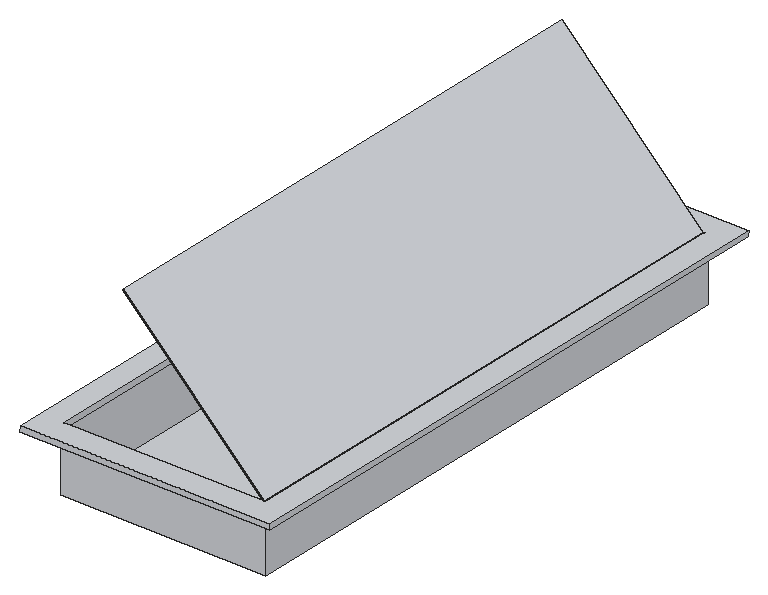
Revit family "Hager-Volta-IP30-Hollow_wall-leer-DE-de", category Electrical Equipment, host Face, Revit 2020
Family settings
  Host = Face
  Panel Configuration = Two Columns, Circuits Across
  Round Connector Dimension = Use Diameter
  Part Type = Panelboard
  Cut with Voids When Loaded = No
  Shared = No
  Room Calculation Point = No
Parameters (values of type "Unterputz IP30 B348 H880.5 T98 12 Teilungseinheiten - VH60WWV")
  Width Control [instance] = if([HG000006 - Unterputz], if([EF000846 - Einbaubreite] > min_whd, [EF000846 - Einbaubreite], min_whd), if([EF000008 - Breite] > min_whd, ([EF000008 - Breite]), min_whd))  # 314 mm
  Void Depth [instance] = if([HG000006 - Unterputz], Depth Control, 1 mm)  # 89 mm
  Type Comments = [HG000003 - Bereich]  # "Volta"
  System Height [instance] = Height Control - 2 * [HG000005 - Dicke]  # 839 mm
  Model = [HG000004 - Herstellerreferenz]  # "VH60WWV"
  HG000017 - Distanz zwischen den Polen = 18 mm
  HG000016 - 3D-Türsichtbarkeit [instance] = yes
  HG000015 - Sichtbarkeit der Türöffnung [instance] = no
  HG000014 - Tür rechts [instance] = yes
  HG000013 - Tür links [instance] = not([HG000014 - Tür rechts])  # no
  HG000012 - Türschwenkwinkel [instance] = 45.00°
  HG000011 - Leere Reihen von unten = no
  HG000010 - Asymmetrische Türen = no
  HG000009 - Doppelflügeligen Tür = no
  HG000008 - Anzahl der leeren Reihen = 0
  HG000007 - Anzahl der leeren Spalten = 0
  HG000006 - Unterputz = yes
  HG000005 - Dicke = 3 mm  # constant formula
  HG000004 - Herstellerreferenz = "VH60WWV"
  HG000003 - Bereich = "Volta"
  HG000002 - Mit tür = yes
  HG000001 - Anzahl der Spalten = 0
  EF015941 - Signaldurchlassende Tür = yes
  EF015777 - Neutralleiterklemmenblock = no
  EF015776 - Erdungsklemmenblock = no
  EF009212 - Ausführung Deckel = "EV009916 - mit Ausschnitt"
  EF006306 - Mit Schloss = no
  EF006244 - Transparenter Deckel/Tür = no
  EF005474 - Schutzart (IP) = "EV006410 - IP30"
  EF004462 - Art der Schließung = "EV000154 - sonstige"
  EF002950 - Breite in Teilungseinheiten = 12
  EF001596 - Werkstoff des Gehäuses = "EV000154 - sonstige"
  EF001134 - DIN-Schiene = yes
  EF001131 - Innentiefe = 92 mm
  EF001088 - Anbaumöglichkeit = yes
  EF001062 - EMV-Ausführung = no
  EF000846 - Einbaubreite = 314 mm
  EF000339 - Art der Abdeckung = "EV004216 - Tür"
  EF000332 - Einbauhöhe = 845 mm
  EF000266 - Anzahl der Reihen = 0
  EF000218 - Einbautiefe = 89 mm
  EF000118 - Mit Montageplatte = yes
  EF000116 - RAL-Nummer = "9010"
  EF000049 - Tiefe = 98 mm
  EF000040 - Höhe = 880 mm
  EF000008 - Breite = 348 mm
  EF000007 - Farbe = "EV000202 - weiß"
  EF000003 - Montageart = "EV000128 - Hohlwand"
  Arrow Offset [instance] = Depth Control / 8  # 11.125 mm
  Arrow Height [instance] = Depth Control - Arrow Offset  # 77.875 mm
  Host Offset [instance] = if([HG000006 - Unterputz], 0 mm, [EF000049 - Tiefe])  # 0 mm
  min_whd [instance] = (2 * [HG000005 - Dicke]) + 1 mm  # 7 mm
  Manufacturer = "Hager"  # constant formula
  Height Control [instance] = if([HG000006 - Unterputz], if([EF000332 - Einbauhöhe] > min_whd, [EF000332 - Einbauhöhe], min_whd), if([EF000040 - Höhe] > min_whd, ([EF000040 - Höhe]), min_whd))  # 845 mm
  Flush Mounted - Door Frame Width [instance] = if(([EF000040 - Höhe] - [EF000332 - Einbauhöhe]) > 0 mm, if([HG000006 - Unterputz], [EF000040 - Höhe] - [EF000332 - Einbauhöhe], 0 mm), 0 mm)  # 35 mm
  Depth Control [instance] = if([HG000006 - Unterputz], if([EF000218 - Einbautiefe] > 0 mm, [EF000218 - Einbautiefe], 1 mm), if([EF000049 - Tiefe] > 0 mm, ([EF000049 - Tiefe]), 1 mm))  # 89 mm
  Default Elevation = 0 mm
Types (22, lengths in mm): name | Void Depth | System Height | Model | HG000004 - Herstellerreferenz | HG000002 - Mit tür | EF015941 - Signaldurchlassende Tür | EF009212 - Ausführung Deckel | EF005474 - Schutzart (IP) | EF004462 - Art der Schließung | EF001596 - Werkstoff des Gehäuses | EF001134 - DIN-Schiene | EF001062 - EMV-Ausführung | EF000339 - Art der Abdeckung | EF000332 - Einbauhöhe | EF000266 - Anzahl der Reihen | EF000218 - Einbautiefe | EF000118 - Mit Montageplatte | EF000049 - Tiefe | EF000040 - Höhe | EF000008 - Breite | Arrow Offset | Arrow Height | Height Control | Flush Mounted - Door Frame Width | Depth Control
  Unterputz  B330 H355 T94.5 12 Teilungseinheiten - VH12NK | 90 | 340 | "VH12NK" | "VH12NK" | no | no | "EV000116 - geschlossen" | "" | "" | "EV000139 - Kunststoff" | no | yes | "" | 346 | 1 | 90 | no | 94 | 355 | 330 | 11.25 | 78.75 | 346 | 9 | 90
  Unterputz  B330 H484 T94.5 12 Teilungseinheiten - VH24NK | 90 | 465 | "VH24NK" | "VH24NK" | no | no | "EV000116 - geschlossen" | "" | "" | "EV000139 - Kunststoff" | no | yes | "" | 471 | 2 | 90 | no | 94 | 484 | 330 | 11.25 | 78.75 | 471 | 13 | 90
  Unterputz  B330 H609 T94.5 12 Teilungseinheiten - VH36NK | 90 | 590 | "VH36NK" | "VH36NK" | no | no | "EV000116 - geschlossen" | "" | "" | "EV000139 - Kunststoff" | no | yes | "" | 596 | 3 | 90 | no | 94 | 609 | 330 | 11.25 | 78.75 | 596 | 13 | 90
  Unterputz  B330 H734 T94.5 12 Teilungseinheiten - VH48NK | 90 | 715 | "VH48NK" | "VH48NK" | no | no | "EV000116 - geschlossen" | "" | "" | "EV000139 - Kunststoff" | no | yes | "" | 721 | 4 | 90 | no | 94 | 734 | 330 | 11.25 | 78.75 | 721 | 13 | 90
  Unterputz  B330 H880 T94.5 12 Teilungseinheiten - VH60NK | 90 | 840 | "VH60NK" | "VH60NK" | no | no | "EV000116 - geschlossen" | "" | "" | "EV000139 - Kunststoff" | no | yes | "" | 846 | 5 | 90 | no | 94 | 880 | 330 | 11.25 | 78.75 | 846 | 34 | 90
  Unterputz  B348 H880 T94.5 12 Teilungseinheiten - VH60NKM | 90 | 840 | "VH60NKM" | "VH60NKM" | no | no | "EV000116 - geschlossen" | "" | "" | "EV000139 - Kunststoff" | yes | no | "" | 846 | 5 | 90 | yes | 94 | 880 | 348 | 11.25 | 78.75 | 846 | 34 | 90
  Unterputz IP30 B348 H505.5 T98 12 Teilungseinheiten - VH24NWB | 89 | 464 | "VH24NWB" | "VH24NWB" | yes | no | "EV009916 - mit Ausschnitt" | "EV006410 - IP30" | "EV000154 - sonstige" | "EV000154 - sonstige" | yes | no | "EV004216 - Tür" | 470 | 0 | 89 | yes | 98 | 506 | 348 | 11.125 | 77.875 | 470 | 36 | 89
  Unterputz IP30 B348 H630.5 T98 12 Teilungseinheiten - VH36NKM | 89 | 589 | "VH36NKM" | "VH36NKM" | no | no | "EV000116 - geschlossen" | "EV006410 - IP30" | "" | "EV000139 - Kunststoff" | yes | no | "" | 595 | 0 | 89 | yes | 98 | 630 | 348 | 11.125 | 77.875 | 595 | 35 | 89
  Unterputz IP30 B348 H630.5 T98 12 Teilungseinheiten - VH36NW | 89 | 589 | "VH36NW" | "VH36NW" | yes | no | "EV009916 - mit Ausschnitt" | "EV006410 - IP30" | "EV000154 - sonstige" | "EV000154 - sonstige" | yes | no | "EV004216 - Tür" | 595 | 0 | 89 | yes | 98 | 630 | 348 | 11.125 | 77.875 | 595 | 35 | 89
  Unterputz IP30 B348 H630.5 T98 12 Teilungseinheiten - VH36NWB | 89 | 589 | "VH36NWB" | "VH36NWB" | yes | no | "EV009916 - mit Ausschnitt" | "EV006410 - IP30" | "EV000154 - sonstige" | "EV000154 - sonstige" | yes | no | "EV004216 - Tür" | 595 | 0 | 89 | yes | 98 | 630 | 348 | 11.125 | 77.875 | 595 | 35 | 89
  Unterputz IP30 B348 H630.5 T98 12 Teilungseinheiten - VH36WWH | 89 | 589 | "VH36WWH" | "VH36WWH" | yes | yes | "EV009916 - mit Ausschnitt" | "EV006410 - IP30" | "EV000154 - sonstige" | "EV000154 - sonstige" | yes | no | "EV004216 - Tür" | 595 | 0 | 89 | yes | 98 | 630 | 348 | 11.125 | 77.875 | 595 | 35 | 89
  Unterputz IP30 B348 H755.5 T98 12 Teilungseinheiten - VH48MMV | 89 | 714 | "VH48MMV" | "VH48MMV" | yes | no | "EV009916 - mit Ausschnitt" | "EV006410 - IP30" | "EV000154 - sonstige" | "EV000154 - sonstige" | yes | no | "EV004216 - Tür" | 720 | 0 | 89 | yes | 98 | 756 | 348 | 11.125 | 77.875 | 720 | 36 | 89
  Unterputz IP30 B348 H755.5 T98 12 Teilungseinheiten - VH48NKM | 89 | 714 | "VH48NKM" | "VH48NKM" | no | no | "EV000116 - geschlossen" | "EV006410 - IP30" | "" | "EV000139 - Kunststoff" | yes | no | "" | 720 | 0 | 89 | yes | 98 | 756 | 348 | 11.125 | 77.875 | 720 | 36 | 89
  Unterputz IP30 B348 H755.5 T98 12 Teilungseinheiten - VH48NW | 89 | 714 | "VH48NW" | "VH48NW" | yes | no | "EV009916 - mit Ausschnitt" | "EV006410 - IP30" | "EV000154 - sonstige" | "EV000154 - sonstige" | yes | no | "EV004216 - Tür" | 720 | 0 | 89 | yes | 98 | 756 | 348 | 11.125 | 77.875 | 720 | 36 | 89
  Unterputz IP30 B348 H755.5 T98 12 Teilungseinheiten - VH48NWB | 89 | 714 | "VH48NWB" | "VH48NWB" | yes | no | "EV009916 - mit Ausschnitt" | "EV006410 - IP30" | "EV000154 - sonstige" | "EV000154 - sonstige" | yes | no | "EV004216 - Tür" | 720 | 0 | 89 | yes | 98 | 756 | 348 | 11.125 | 77.875 | 720 | 36 | 89
  Unterputz IP30 B348 H755.5 T98 12 Teilungseinheiten - VH48WWH | 89 | 714 | "VH48WWH" | "VH48WWH" | yes | yes | "EV009916 - mit Ausschnitt" | "EV006410 - IP30" | "EV000154 - sonstige" | "EV000154 - sonstige" | yes | no | "EV004216 - Tür" | 720 | 0 | 89 | yes | 98 | 756 | 348 | 11.125 | 77.875 | 720 | 36 | 89
  Unterputz IP30 B348 H755.5 T98 12 Teilungseinheiten - VH48WWV | 89 | 714 | "VH48WWV" | "VH48WWV" | yes | yes | "EV009916 - mit Ausschnitt" | "EV006410 - IP30" | "EV000154 - sonstige" | "EV000154 - sonstige" | yes | no | "EV004216 - Tür" | 720 | 0 | 89 | yes | 98 | 756 | 348 | 11.125 | 77.875 | 720 | 36 | 89
  Unterputz IP30 B348 H880.5 T98 12 Teilungseinheiten - VH60MMV | 89 | 839 | "VH60MMV" | "VH60MMV" | yes | no | "EV009916 - mit Ausschnitt" | "EV006410 - IP30" | "EV000154 - sonstige" | "EV000154 - sonstige" | yes | no | "EV004216 - Tür" | 845 | 0 | 89 | yes | 98 | 880 | 348 | 11.125 | 77.875 | 845 | 35 | 89
  Unterputz IP30 B348 H880.5 T98 12 Teilungseinheiten - VH60NW | 89 | 839 | "VH60NW" | "VH60NW" | yes | no | "EV009916 - mit Ausschnitt" | "EV006410 - IP30" | "EV000154 - sonstige" | "EV000154 - sonstige" | yes | no | "EV004216 - Tür" | 845 | 0 | 89 | yes | 98 | 880 | 348 | 11.125 | 77.875 | 845 | 35 | 89
  Unterputz IP30 B348 H880.5 T98 12 Teilungseinheiten - VH60NWB | 89 | 839 | "VH60NWB" | "VH60NWB" | yes | no | "EV009916 - mit Ausschnitt" | "EV006410 - IP30" | "EV000154 - sonstige" | "EV000154 - sonstige" | yes | no | "EV004216 - Tür" | 845 | 0 | 89 | yes | 98 | 880 | 348 | 11.125 | 77.875 | 845 | 35 | 89
  Unterputz IP30 B348 H880.5 T98 12 Teilungseinheiten - VH60WWH | 89 | 839 | "VH60WWH" | "VH60WWH" | yes | yes | "EV009916 - mit Ausschnitt" | "EV006410 - IP30" | "EV000154 - sonstige" | "EV000154 - sonstige" | yes | no | "EV004216 - Tür" | 845 | 0 | 89 | yes | 98 | 880 | 348 | 11.125 | 77.875 | 845 | 35 | 89
  Unterputz IP30 B348 H880.5 T98 12 Teilungseinheiten - VH60WWV | 89 | 839 | "VH60WWV" | "VH60WWV" | yes | yes | "EV009916 - mit Ausschnitt" | "EV006410 - IP30" | "EV000154 - sonstige" | "EV000154 - sonstige" | yes | no | "EV004216 - Tür" | 845 | 0 | 89 | yes | 98 | 880 | 348 | 11.125 | 77.875 | 845 | 35 | 89
Reference planes
  plane 1 "Center (Front/Back)": y = 0
  plane 2: z = 0
  plane 3 "Center (Left/Right)": x = 0
  plane 4: z = 0
  plane 5: y = 38
  plane 6: z = -5
  plane 7: y = 457.5
  plane 8: y = 35
  plane 9: y = 880
  plane 10: z = -89
  plane 11: x = -157
  plane 12: x = 157
  plane 13: x = 154
  plane 14: x = -154
  plane 15: y = 877
  plane 16: z = -86
  plane 17: z = -3
  plane 18: z = -89
  plane 19: z = -3
Forms (mm)
  Extrusion 1, solid
    sketch origin (-583.045, 35, 1219.2) x (-1, 0, 0) y (0, 0, 1)
      loop
        line (-426.045, -1219.2) -> (-740.045, -1219.2) -> (-740.045, -1308.2) -> (-426.045, -1308.2) -> (-426.045, -1219.2)
    from 0 to 845 <- "Height Control"
  Extrusion 2, void
    sketch origin (-381.607, -4572, 0) x (0, -1, 0) y (-1, 0, 0)
      loop
        line (-5449, -227.607) -> (-5449, -535.607) -> (-4610, -535.607) -> (-4610, -227.607) -> (-5449, -227.607)
    from 0 to 86
  Extrusion 3, void
    sketch origin (0, 0, 0) x (1, 0, 0) y (0, 1, 0)
      loop
        line (-157, 35) -> (157, 35) -> (157, 880) -> (-157, 880) -> (-157, 35)
    from -89 to 1
  Extrusion 4, solid, detail levels coarse+medium
    sketch origin (-381.607, -4572, 0) x (-1, 0, 0) y (0, -1, 0)
      loop
        line (-227.607, -5449) -> (-227.607, -4610) -> (-535.607, -4610) -> (-535.607, -5449) -> (-227.607, -5449)
    from 0 to -3
Cuts and joins
  Extrusion 2 cuts Extrusion 1
Dimensions and locks
  plane 4 to plane 6 = 5 mm
  "Host Offset": plane 4 to host face
  "Flush Mounted - Door Frame Width": plane 1 "Center (Front/Back)" to plane 8
  "HG000005 - Dicke": plane 5 to plane 8
  locked: connector elem to plane 3 "Center (Left/Right)"
  "Height Control": plane 9 to plane 8
  equal spacing: plane 9, plane 7, plane 8
  locked: connector elem to plane 7
  "Depth Control": plane 4 to plane 10
  "HG000005 - Dicke": plane 11 to plane 14
  "HG000005 - Dicke": plane 12 to plane 13
  equal spacing: plane 11, plane 3 "Center (Left/Right)", plane 12
  "Width Control": plane 11 to plane 12
  "Arrow Offset": nested 4 to plane 10
  "HG000005 - Dicke": plane 9 to plane 15
  "HG000005 - Dicke": plane 16 to plane 10
  "HG000005 - Dicke": plane 4 to plane 17
  "Void Depth": plane 2 to plane 18
  "HG000005 - Dicke": plane 4 to plane 19
  aligned and locked: plane 2 to host face
  aligned and locked: level to host face
  aligned and locked: plane 3 "Center (Left/Right)" to nested 2
  aligned and locked: plane 4 to nested 2
  aligned and locked: nested 2 to plane 8
  aligned and locked: nested 1 to plane 6
  aligned and locked: plane 5 to nested 1
  aligned and locked: nested 4 to plane 11
  aligned and locked: nested 3 to plane 4
  aligned and locked: Extrusion 1 sketch curve to plane 12
  aligned and locked: Extrusion 1 sketch curve to plane 11
  aligned and locked: nested 3 to plane 10
  aligned and locked: plane 10 to Extrusion 1 sketch curve
  aligned and locked: plane 5 to Extrusion 2 sketch curve
  aligned and locked: Extrusion 2 sketch curve to plane 15
  aligned and locked: Extrusion 2 sketch curve to plane 14
  aligned and locked: Extrusion 2 sketch curve to plane 13
  aligned and locked: plane 11 to Extrusion 3 sketch curve
  aligned and locked: plane 9 to Extrusion 3 sketch curve
  aligned and locked: Extrusion 3 sketch curve to plane 8
  aligned and locked: plane 12 to Extrusion 3 sketch curve
  aligned and locked: nested 3 to plane 12
  aligned and locked: Extrusion 3 to plane 18
  aligned and locked: Extrusion 2 to plane 16
  aligned and locked: Extrusion 1 sketch curve to plane 4
  aligned and locked: Extrusion 4 to plane 17
  aligned and locked: Extrusion 4 sketch curve to plane 15
  aligned and locked: Extrusion 4 sketch curve to plane 13
  aligned and locked: Extrusion 4 sketch curve to plane 14
  aligned and locked: plane 5 to Extrusion 4 sketch curve
Automatic sketch dimensions
  host sketch curve to host sketch curve = 1469.727 mm
  host sketch curve to host sketch curve = 1434.803 mm
Nested families
  nested 1: "Hager_Enclosure_System" at (0, 38, -5) x (1, 0, 0) z (0, 1, 0), Depth <- "HG000005 - Dicke", Height <- "System Height", Width <- "EF000008 - Breite", Border <- "HG000005 - Dicke", Flush_Mounted <- "HG000006 - Unterputz", Built-in_Width <- "EF000846 - Einbaubreite", Row_Module_Multiplicator <- "EF002950 - Breite in Teilungseinheiten", Total_No_Empty_Rows <- "HG000008 - Anzahl der leeren Reihen", Total_No_Rows <- "EF000266 - Anzahl der Reihen", Empty_Columns <- "HG000007 - Anzahl der leeren Spalten", Width_Control <- "Width Control", Empty_Rows_From_Bottom <- "HG000011 - Leere Reihen von unten", Distance_Between_Poles <- "HG000017 - Distanz zwischen den Polen", Rows_Count <- "EF000266 - Anzahl der Reihen", Columns_Count <- "HG000001 - Anzahl der Spalten", type "Hager_Enclosure_System", detail levels fine
    with Width_Control 314 mm, Width 348 mm, Total_No_Rows 0, Total_No_Empty_Rows 0, Total_No_Columns 1, System_Width 308 mm, Rows_Count 0, Rows_Column 0, Row_Module_Multiplicator 12, Panel_4 no, Panel_3 no, Panel_2 no, Panel_1 no, No_Panels_Ctrl 1, Hide_Columns yes, Height 839 mm, Flush_Mounted yes, Empty_Rows_From_Bottom no, Empty_Rows_Column 0, Empty_Columns 0, Distance_Between_Poles 18 mm, Depth 3 mm, Columns_Count 0, Column_Width 308 mm, Built-in_Width 314 mm, Border 3 mm
  nested 2: "Hager_Enclosure_Door" at (0, 35, 0) x (1, 0, 0) z (0, 1, 0), Border <- "HG000005 - Dicke", Door_Right <- "HG000014 - Tür rechts", Flush_Mounted <- "HG000006 - Unterputz", Depth <- "EF000049 - Tiefe", Width <- "EF000008 - Breite", Door_Left <- "HG000013 - Tür links", 3d_Door <- "HG000016 - 3D-Türsichtbarkeit", BuiltIn_Width <- "EF000846 - Einbaubreite", BuiltIn_Height <- "EF000332 - Einbauhöhe", BuiltIn_Depth <- "EF000218 - Einbautiefe", Angle <- "HG000012 - Türschwenkwinkel", Assymetrical <- "HG000010 - Asymmetrische Türen", Double <- "HG000009 - Doppelflügeligen Tür", Clearance <- "HG000015 - Sichtbarkeit der Türöffnung", Transparent <- "EF006244 - Transparenter Deckel/Tür", Door <- "HG000002 - Mit tür", Height_Ctrl <- "Height Control", Width_Ctrl <- "Width Control", Height <- "EF000040 - Höhe", type "Hager_Enclosure_Door", detail levels medium+fine
    with min_wh 7 mm, Width_Ctrl 314 mm, Width 348 mm, Transparent_Door_No_Bottom_Border no, Transparent no, Leaf_Width 305 mm, Leaf_Tolerance 1.5 mm, Leaf_Height 836 mm, Leaf_2_Width 305 mm, Leaf_2_Offset 152.5 mm, Leaf_1_Width 305 mm, Leaf_1_Offset 152.5 mm, Height_Ctrl 845 mm, Height 880 mm, Frame_Width_Ctrl 34 mm, Frame_Width 34 mm, Frame_Internal_Offset 3 mm, Frame_Height_Ctrl 35 mm, Frame_Height 35 mm, Frame_Depth_Ctrl 9 mm, Frame_Depth 9 mm, Flush_Mounted yes, Double_Clearance_Ctrl no, Double no, Door_Right_Ctrl yes, Door_Right yes, Door_Left_Ctrl no, Door_Left no, Door yes, Depth 98 mm, Clearance_Depth 305 mm, Clearance_Ctrl no, Clearance no, BuiltIn_Width 314 mm, BuiltIn_Height 845 mm, BuiltIn_Depth 89 mm, Border 3 mm, Assymetrical no, Angle 45.00°, 3d_Door yes
  nested 3: "Hager_Enclosure_Symbol_Triangle" at (-157, 0, -89) x (1, 0, 0) z (0, -1, 0), Depth <- "Depth Control", Width <- "Width Control", type "Hager_Enclosure_Symbol_Triangle"
    with Width_Ctrl 314 mm, Width 314 mm, Depth_Ctrl 89 mm, Depth 89 mm
  nested 4: "Hager_Enclosure_Symbol_Arrow" at (-157, 0, -77.875) x (1, 0, 0) z (0, -1, 0), Height <- "Arrow Height", type "Hager_Enclosure_Symbol_Arrow"
    with Width_Inside 5.841 mm, Width 70.087 mm, Height_Ctrl 77.875 mm, Height 77.875 mm
Connectors
  electrical at (0, 457.5, -89)
    settings: on plane 10, index 1, voltage 0 V, apparent load 0 VA, apparent load phase1 0 VA, apparent load phase2 0 VA, apparent load phase3 0 VA, power factor 1, load classification "Other", number of poles 1, system type 30, power factor state 1, is connector primary yes, connector utility no, sub classification motor no, connector description ""
Definition of nested family "Hager_Enclosure_Door"
  Parameters (values of type "Hager_Enclosure_Door")
    min_wh [instance] = (2 * Border) + 1 mm  # 11 mm
    Width_Ctrl [instance] = 400 mm
    Width [instance] = 500 mm
    Transparent_Door_No_Bottom_Border [instance] = no
    Transparent [instance] = yes
    Leaf_Width [instance] = if((Width_Ctrl - 2 * Border - 2 * Leaf_Tolerance) > 0 mm, (Width_Ctrl - 2 * Border - 2 * Leaf_Tolerance), min_wh)  # 387 mm
    Leaf_Tolerance [instance] = 1.5 mm  # constant formula
    Leaf_Height [instance] = if((Height_Ctrl - 2 * Border - 2 * Leaf_Tolerance) > 0 mm, (Height_Ctrl - 2 * Border - 2 * Leaf_Tolerance), min_wh)  # 387 mm
    Leaf_2_Width [instance] = if(and(and(Double, Assymetrical), Door_Left), (Leaf_Width / 3) - (Leaf_Tolerance / 2), if(and(and(Double, Assymetrical), Door_Right), (Leaf_Width / 3) * 2 - (Leaf_Tolerance / 2), if(and(Double, not(Assymetrical)), (Leaf_Width / 2) - Leaf_Tolerance, Leaf_Width)))  # 387 mm
    Leaf_2_Offset [instance] = if(and(Double, Assymetrical), Leaf_2_Width / 2, if(and(Double, not(Assymetrical)), Leaf_Width / 4, Leaf_Width / 2))  # 193.5 mm
    Leaf_1_Width [instance] = if(and(and(Double, Assymetrical), Door_Right), (Leaf_Width / 3) - (Leaf_Tolerance / 2), if(and(and(Double, Assymetrical), Door_Left), (Width / 3) * 2 - (Leaf_Tolerance / 2), if(and(Double, not(Assymetrical)), (Leaf_Width / 2) - Leaf_Tolerance, Leaf_Width)))  # 387 mm
    Leaf_1_Offset [instance] = if(and(Double, Assymetrical), Leaf_1_Width / 2, if(and(Double, not(Assymetrical)), Leaf_Width / 4, Leaf_Width / 2))  # 193.5 mm
    Height_Ctrl [instance] = 400 mm
    Height [instance] = 500 mm
    Frame_Width_Ctrl [instance] = if(Frame_Width > 0 mm, Frame_Width, 1 mm)  # 1 mm
    Frame_Width [instance] = Width - BuiltIn_Width  # 0 mm
    Frame_Internal_Offset [instance] = if(Flush_Mounted, Border, 0 mm)  # 5 mm
    Frame_Height_Ctrl [instance] = if(Frame_Height > 0 mm, Frame_Height, 1 mm)  # 1 mm
    Frame_Height [instance] = Height - BuiltIn_Height  # 0 mm
    Frame_Depth_Ctrl [instance] = if(Frame_Depth > 0 mm, Frame_Depth, 1 mm)  # 1 mm
    Frame_Depth [instance] = if(Depth - BuiltIn_Depth > 0 mm, if(Flush_Mounted, Depth - BuiltIn_Depth, 0 mm), 0 mm)  # 0 mm
    Flush_Mounted [instance] = yes
    Double_Clearance_Ctrl [instance] = and(Double, Clearance)  # no
    Double [instance] = no
    Door_Right_Ctrl [instance] = and(or(Door_Right, Double), Door)  # yes
    Door_Right [instance] = yes
    Door_Left_Ctrl [instance] = and(or(Door_Left, Double), Door)  # no
    Door_Left [instance] = no
    Door [instance] = yes
    Depth [instance] = 500 mm
    Default Elevation = 1219.2 mm
    Clearance_Material = none
    Clearance_Depth [instance] = if(Leaf_1_Width > Leaf_2_Width, Leaf_1_Width, Leaf_2_Width)  # 387 mm
    Clearance_Ctrl [instance] = and(not(Double), Clearance)  # yes
    Clearance [instance] = yes
    BuiltIn_Width [instance] = 500 mm
    BuiltIn_Height [instance] = 500 mm
    BuiltIn_Depth [instance] = 500 mm
    Border [instance] = 5 mm
    Assymetrical [instance] = yes
    Angle [instance] = 30.00°
    3d_Door [instance] = yes
  Reference planes
    plane 1 "Center (Front/Back)": y = 0
    plane 2 "Bottom": z = 0
    plane 3 "Center (Left/Right)": x = 0
    plane 4: z = 400
    plane 5: x = -200
    plane 6: x = 200
    plane 7: z = 395
    plane 8: x = -195
    plane 9: z = 5
    plane 10: x = 195
    plane 11: y = 0
    plane 12: z = 6.5
    plane 13: x = -582
    plane 14: y = -387
    plane 15: x = 582
    plane 16: x = 0
    plane 17: x = 0
    plane 18: x = -193.5
    plane 19: x = 193.5
    plane 20: z = 393.5
  Forms (mm)
    Extrusion 1, solid, visible <- "Flush_Mounted"
      sketch origin (0, 0, 0) x (1, 0, 0) y (0, 0, 1)
        loop
          line (195, 5) -> (195, 395) -> (-195, 395) -> (-195, 5) -> (195, 5)
        loop
          line (-201, 401) -> (-201, -1) -> (201, -1) -> (201, 401) -> (-201, 401)
      from 0 to 1 <- "Frame_Depth_Ctrl"
    Extrusion 2, solid, material <- "Clearance_Material", visible <- "Double_Clearance_Ctrl"
      sketch origin (1200, 0, 0) x (1, 0, 0) y (0, 0, -1)
        loop
          line (-1782, -393.5) -> (-618, -393.5) -> (-618, 0) -> (-1782, 0) -> (-1782, -393.5)
      from 0 to -387
  Dimensions and locks
    equal spacing: plane 5, plane 3 "Center (Left/Right)", plane 6
    "Width_Ctrl": plane 5 to plane 6
    "Border": plane 5 to plane 8
    "Border": plane 6 to plane 10
    "Border": plane 9 to level
    "Border": plane 4 to plane 7
    "Height_Ctrl": plane 4 to level
    "Leaf_Tolerance": plane 12 to plane 9
    "Frame_Depth": plane 11 to plane 1 "Center (Front/Back)"
    "Frame_Width_Ctrl": plane 5 to Extrusion 1 sketch curve
    "Frame_Width_Ctrl": plane 6 to Extrusion 1 sketch curve
    "Frame_Width_Ctrl": Extrusion 1 sketch curve to plane 4
    "Frame_Width_Ctrl": plane 2 "Bottom" to Extrusion 1 sketch curve
    "Leaf_1_Offset": plane 18 to plane 16
    "Leaf_2_Offset": plane 17 to plane 19
    "Leaf_1_Width": plane 13 to plane 8
    "Leaf_2_Width": plane 10 to plane 15
    "Clearance_Depth": plane 14 to plane 1 "Center (Front/Back)"
    "Leaf_Tolerance": plane 8 to plane 18
    "Leaf_Tolerance": plane 19 to plane 10
    "Leaf_Tolerance": plane 7 to plane 20
    "Frame_Internal_Offset": plane 5 to Extrusion 1 sketch curve
    "Frame_Internal_Offset": Extrusion 1 sketch curve to plane 2 "Bottom"
    "Frame_Internal_Offset": plane 6 to Extrusion 1 sketch curve
    "Frame_Internal_Offset": plane 4 to Extrusion 1 sketch curve
    aligned and locked: level to plane 2 "Bottom"
    aligned and locked: nested 1 to plane 16
    aligned and locked: nested 2 to plane 17
    aligned and locked: Extrusion 2 to plane 13
    aligned and locked: plane 15 to Extrusion 2
    aligned and locked: Extrusion 2 to plane 14
    aligned and locked: plane 12 to nested 1
    aligned and locked: nested 2 to plane 12
    aligned and locked: Extrusion 2 to plane 11
    aligned and locked: plane 20 to Extrusion 2
    aligned and locked: nested 2 to plane 11
    aligned and locked: nested 1 to plane 11
  Automatic sketch dimensions
    Extrusion 2 sketch curve to level = 0 mm
    plane 5 to Extrusion 2 sketch curve = 382 mm
    plane 6 to Extrusion 2 sketch curve = 382 mm
    Extrusion 2 sketch curve to plane 4 = 6.5 mm
  Nested families
    nested 1: "Hager_Enclosure_Door_Leaf" at (0, 0, 6.5), Width <- "Leaf_1_Width", visible <- "Door_Left_Ctrl", Leaf_Height <- "Leaf_Height", Angle <- "Angle", Depth <- "Border", 3d_Door <- "3d_Door", Transparent <- "Transparent", Clearance Material <- "Clearance_Material", Clearance <- "Clearance_Ctrl", Transparent_Door_No_Bottom_Border <- "Transparent_Door_No_Bottom_Border", type "Hager_Enclosure_Door_Leaf"
      with Width 387 mm, Transparent_Door_No_Bottom_Border no, Transparent_Door_Border_Bottom_Top 25 mm, Transparent_Door_Border 25 mm, Transparent_Ctrl yes, Transparent yes, Standard no, Leaf_Height 387 mm, Glass_Offset 1 mm, Depth 5 mm, Clearance Material none, Clearance yes, Angle_Ctrl 30.00°, Angle 30.00°, 3d_Door yes
    nested 2: "Hager_Enclosure_Door_Leaf" at (0, 0, 6.5) x (-1, 0, 0) z (0, 0, 1), Width <- "Leaf_2_Width", visible <- "Door_Right_Ctrl", Leaf_Height <- "Leaf_Height", Angle <- "Angle", Depth <- "Border", 3d_Door <- "3d_Door", Transparent <- "Transparent", Clearance Material <- "Clearance_Material", Clearance <- "Clearance_Ctrl", Transparent_Door_No_Bottom_Border <- "Transparent_Door_No_Bottom_Border", type "Hager_Enclosure_Door_Leaf"
      with Width 387 mm, Transparent_Door_No_Bottom_Border no, Transparent_Door_Border_Bottom_Top 25 mm, Transparent_Door_Border 25 mm, Transparent_Ctrl yes, Transparent yes, Standard no, Leaf_Height 387 mm, Glass_Offset 1 mm, Depth 5 mm, Clearance Material none, Clearance yes, Angle_Ctrl 30.00°, Angle 30.00°, 3d_Door yes
  Definition of nested family "Hager_Enclosure_Door_Leaf"
    Parameters (values of type "Hager_Enclosure_Door_Leaf")
      Width [instance] = 2000 mm
      Transparent_Door_No_Bottom_Border [instance] = yes
      Transparent_Door_Border_Bottom_Top [instance] = if(Transparent_Door_No_Bottom_Border, 0.1 mm, Transparent_Door_Border)  # 0.1 mm
      Transparent_Door_Border [instance] = if(Transparent_Door_No_Bottom_Border, (Width * 0.12), 25 mm)  # 240 mm
      Transparent_Ctrl [instance] = and(Transparent, [3d_Door])  # yes
      Transparent [instance] = yes
      Standard [instance] = and(not(Transparent), [3d_Door])  # no
      Leaf_Height [instance] = 2720.336 mm
      Glass_Offset [instance] = if((Depth - 10 mm) / 2 > 0 mm, (Depth - 10 mm) / 2, 1 mm)  # 15 mm
      Glass_Material = none
      Depth [instance] = 40 mm
      Default Elevation = 0 mm
      Clearance Material [instance] = none
      Clearance [instance] = yes
      Angle_Ctrl [instance] = if(Angle > 170.00°, 170.00°, Angle)  # 45.00°
      Angle [instance] = 45.00°
      3d_Door [instance] = yes
    Reference planes
      plane 1 "Center (Front/Back)": y = 0
      plane 2: z = 0
      plane 3 "Center (Left/Right)": x = 0
      plane 4: y = 2000
      plane 5: x = -1000
      plane 6: x = 1000
      plane 7: x = -3000
      plane 8: z = 2720.336
      plane 9: z = 0.1
      plane 10: z = 2720.236
      plane 11: x = 760
      plane 12: x = -760
    Forms (mm)
      Extrusion 1, solid, material <- "Clearance Material", visible <- "Clearance"
        sketch origin (0, 0, 0) x (1, 0, 0) y (0, 0, 1)
          loop
            line (-3000, 2720.336) -> (-3000, 0) -> (1000, 0) -> (1000, 2720.336) -> (-3000, 2720.336)
        from 0 to -2000
      Extrusion 2, solid, visible <- "Standard", detail levels medium+fine
        sketch origin (-1000, 0, 0) x (0.707107, 0.707107, 0) y (-0.707107, 0.707107, 0)
          loop
            line (0, -40) -> (2000, -40) -> (2000, 0) -> (0, 0) -> (0, -40)
        from 0 to 2720.336 <- "Leaf_Height"
      Extrusion 3, solid, visible <- "Transparent_Ctrl", detail levels medium+fine
        sketch origin (-1000, 0, 0) x (0.707107, 0.707107, 0) y (-0.707107, 0.707107, 0)
          loop
            line (0, -40) -> (2000, -40) -> (2000, 0) -> (0, 0) -> (0, -40)
        from 0 to 2720.336 <- "Leaf_Height"
      Extrusion 4, void, detail levels medium+fine
        sketch origin (-1000, 0, 0) x (-0.707107, 0.707107, 0) y (0.707107, 0.707107, 0)
          loop
            line (0, 240) -> (0, 1760) -> (-40, 1760) -> (-40, 240) -> (0, 240)
        from -2720.236 to -0.1
      Extrusion 5, solid, material <- "Glass_Material", visible <- "Transparent_Ctrl", detail levels medium+fine
        sketch origin (-1000, 0, 0) x (0.707107, 0.707107, 0) y (-0.707107, 0.707107, 0)
          loop
            line (240, -15) -> (240, -25) -> (1760, -25) -> (1760, -15) -> (240, -15)
        from 0.1 to 2720.236
    Cuts and joins
      Extrusion 4 cuts Extrusion 3
    Lines and regions (mm)
      symbolic lines
        curve 1: line (1000, 0, 0) -> (-3000, 0, 0)
        curve 2: arc (1000, 0, 0) -> (-1000, 2000, 0) -> (-3000, 0, 0) r 2000
        curve 4: line (-1000, 0, 0) -> (414.214, 1414.214, 0)
      reference lines
        curve 3: line (-1000, 0, 0) -> (414.214, 1414.214, 0)
      symbolic lines, detail levels medium+fine
        curve 5: line (414.214, 1414.214, 0) -> (442.498, 1385.929, 0)
        curve 6: line (442.498, 1385.929, 0) -> (-971.716, -28.284, 0)
        curve 7: line (-971.716, -28.284, 0) -> (-1000, 0, 0)
        curve 8: line (-1000, 0, 2720.336) -> (1000, 0, 2720.336)
        curve 9: line (-1000, 0, 0) -> (-1000, 0, 2720.336)
        curve 10: line (1000, 0, 0) -> (-1000, 0, 0)
        curve 11: line (1000, 0, 2720.336) -> (1000, 0, 0)
      symbolic lines, visible <- "Transparent_Ctrl", detail levels medium+fine
        curve 12: line (-760, 0, 2720.236) -> (760, 0, 2720.236)
        curve 13: line (-760, 0, 0.1) -> (-760, 0, 2720.236)
        curve 14: line (760, 0, 0.1) -> (-760, 0, 0.1)
        curve 15: line (760, 0, 2720.236) -> (760, 0, 0.1)
    Dimensions and locks
      "Width": plane 1 "Center (Front/Back)" to plane 4
      equal spacing: plane 5, plane 3 "Center (Left/Right)", plane 6
      "Width": plane 5 to plane 6
      "Width": plane 7 to plane 5
      "Leaf_Height": plane 8 to level
      "Depth": curve 6 to curve 3
      "Width": curve 5 to curve 3
      "Width": curve 3 to curve 3
      "Transparent_Door_Border": Extrusion 4 sketch curve to curve 7
      "Transparent_Door_Border": Extrusion 4 sketch curve to curve 5
      "Transparent_Door_Border_Bottom_Top": plane 8 to plane 10
      "Transparent_Door_Border_Bottom_Top": plane 9 to level
      "Glass_Offset": Extrusion 5 sketch curve to curve 4
      "Glass_Offset": Extrusion 5 sketch curve to curve 6
      "Transparent_Door_Border": Extrusion 5 sketch curve to curve 5
      "Transparent_Door_Border": Extrusion 5 sketch curve to curve 7
      "Transparent_Door_Border": plane 12 to plane 5
      "Transparent_Door_Border": plane 6 to plane 11
      "Angle_Ctrl": angle plane 1 "Center (Front/Back)" to curve 3
      aligned and locked: level to plane 2
      aligned and locked: Extrusion 1 to curve 1
      aligned and locked: plane 6 to Extrusion 1
      aligned and locked: Extrusion 1 to plane 1 "Center (Front/Back)"
      aligned and locked: plane 4 to Extrusion 1
      aligned and locked: plane 8 to Extrusion 1
      aligned and locked: curve 4 to curve 3
      aligned and locked: Extrusion 2 sketch curve to curve 7
      aligned and locked: Extrusion 2 sketch curve to curve 6
      aligned and locked: Extrusion 2 sketch curve to curve 5
      aligned and locked: Extrusion 2 sketch curve to curve 3
      aligned and locked: curve 7 to Extrusion 3 sketch curve
      aligned and locked: Extrusion 3 sketch curve to curve 4
      aligned and locked: Extrusion 3 sketch curve to curve 6
      aligned and locked: Extrusion 3 sketch curve to curve 5
      aligned and locked: curve 4 to Extrusion 4 sketch curve
      aligned and locked: curve 6 to Extrusion 4 sketch curve
      aligned and locked: Extrusion 4 to plane 9
      aligned and locked: Extrusion 4 to plane 10
      aligned and locked: Extrusion 5 to plane 9
      aligned and locked: Extrusion 5 to plane 10
      aligned and locked: curve 8 to plane 8
      aligned and locked: plane 5 to curve 9
      aligned and locked: plane 2 to curve 10
      aligned and locked: curve 11 to plane 6
      aligned and locked: plane 10 to curve 12
      aligned and locked: plane 12 to curve 13
      aligned and locked: curve 14 to plane 9
      aligned and locked: plane 11 to curve 15
    Automatic sketch dimensions
      plane 1 "Center (Front/Back)" to curve 2 = 0 mm
      curve 2 to plane 5 = 0 mm
      Extrusion 1 sketch curve to level = 0 mm
      Extrusion 1 sketch curve to plane 7 = 0 mm
      Extrusion 1 sketch curve to plane 6 = 0 mm
      Extrusion 1 sketch curve to plane 8 = 0 mm
      plane 1 "Center (Front/Back)" to curve 3 = 0 mm
      curve 3 to plane 5 = 0 mm
      curve 7 to curve 3 = 0 mm
Definition of nested family "Hager_Enclosure_Symbol_Triangle"
  Parameters (values of type "Hager_Enclosure_Symbol_Triangle")
    Width_Ctrl [instance] = if(Width > 1 mm, Width, 1 mm)  # 498 mm
    Width [instance] = 498 mm
    Depth_Ctrl [instance] = if(Depth > 1 mm, Depth, 1 mm)  # 72 mm
    Depth [instance] = 72 mm
  Reference planes
    plane 1 "Centre (avant/arrière)": y = 0
    plane 2: z = 0
    plane 3 "Centre (gauche/droite)": x = 0
  Lines and regions (mm)
    Filled region 1, type "Solid_Black", in view "Niveau de réf."
      outline origin (0, 0, 0) x (1, 0, 0) y (0, 1, 0)
        loop
          line (0, 0) -> (498, 0) -> (498, 72) -> (0, 0)
    reference lines, in view "Niveau de réf."
      curve 1: line (-206.153, 72, 0) -> (1083.258, 72, 0)
      curve 2: line (498, 405.456, 0) -> (498, -517.619, 0)
  Dimensions and locks
    "Depth_Ctrl": plane 1 "Centre (avant/arrière)" to curve 1
    "Width_Ctrl": plane 3 "Centre (gauche/droite)" to curve 2
    aligned and locked: curve 1 to Filled region 1 sketch curve
    aligned and locked: Filled region 1 sketch curve to plane 1 "Centre (avant/arrière)"
    aligned and locked: curve 2 to Filled region 1 sketch curve
    aligned and locked: plane 3 "Centre (gauche/droite)" to Filled region 1 sketch curve
    aligned and locked: plane 1 "Centre (avant/arrière)" to Filled region 1 sketch curve
  Automatic sketch dimensions
    curve 1 to plane 3 "Centre (gauche/droite)" = 206.153 mm
    curve 2 to curve 1 = 585.258 mm
    plane 1 "Centre (avant/arrière)" to curve 2 = 517.619 mm
    curve 2 to plane 1 "Centre (avant/arrière)" = 405.456 mm
Definition of nested family "Hager_Enclosure_Symbol_Arrow"
  Parameters (values of type "Hager_Enclosure_Symbol_Arrow")
    Width_Inside [instance] = if(Width / 12 > 2 mm, Width / 12, 2 mm)  # 4.987 mm
    Width [instance] = if(Height_Ctrl * 0.9 > 2 mm, Height_Ctrl * 0.9, 2 mm)  # 59.85 mm
    Height_Ctrl [instance] = if(Height > 2 mm, Height, 2 mm)  # 66.5 mm
    Height [instance] = 66.5 mm
  Reference planes
    plane 1 "Centre (avant/arrière)": y = 0
    plane 2: z = 0
    plane 3 "Centre (gauche/droite)": x = 0
    plane 4: x = 59.85
    plane 5: y = 28.263
    plane 6: y = 38.238
    plane 7: y = 66.5
    plane 8: x = 29.925
    plane 9: y = 33.25
  Lines and regions (mm)
    Filled region 1, type "Solid_Black", in view "Niveau de réf."
      outline origin (0, 0, 0) x (1, 0, 0) y (0, 1, 0)
        loop
          line (59.85, 66.5) -> (37.929, 52.827) -> (51.846, 41.935) -> (59.85, 66.5)
    detail lines, in view "Niveau de réf."
      curve 1: line (0, 0, 0) -> (29.925, 38.238, 0)
      curve 2: line (29.925, 38.238, 0) -> (29.925, 28.263, 0)
      curve 3: line (29.925, 28.263, 0) -> (59.85, 66.5, 0)
  Dimensions and locks
    "Width": plane 3 "Centre (gauche/droite)" to plane 4
    "Height_Ctrl": plane 7 to plane 1 "Centre (avant/arrière)"
    equal spacing: plane 3 "Centre (gauche/droite)", plane 8, plane 4
    equal spacing: plane 7, plane 9, plane 1 "Centre (avant/arrière)"
    equal spacing: plane 6, plane 9, plane 5
    "Width_Inside": plane 6 to plane 9
    equal spacing: curve 3, Filled region 1 sketch curve, Filled region 1 sketch curve
    angle Filled region 1 sketch curve to curve 3 = 20.00°
    angle curve 3 to Filled region 1 sketch curve = 20.00°
    locked: curve 3 to Filled region 1 sketch curve (angle 90.00°)
  Automatic sketch dimensions
    plane 1 "Centre (avant/arrière)" to curve 1 = 0 mm
    curve 1 to plane 3 "Centre (gauche/droite)" = 0 mm
    curve 2 to plane 6 = 0 mm
    curve 3 to plane 8 = 0 mm
    curve 3 to plane 4 = 0 mm
    curve 2 to plane 5 = 0 mm
    curve 3 to plane 7 = 0 mm
    Filled region 1 sketch curve to plane 4 = 0 mm
    Filled region 1 sketch curve to plane 7 = 0 mm
